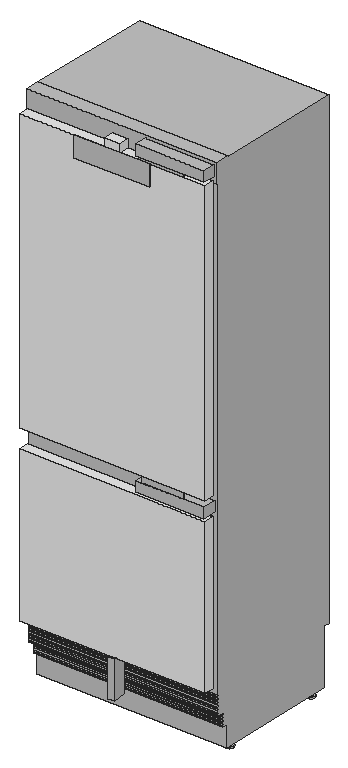
Revit family "FP-Revit20-en-RS3084WRUE1-FridgeFreezer-0-CA-US-90001084A", category Specialty Equipment, Revit 2020 (continued)
Definition of nested family "Handle Professional Square - Horizontal"
  Lines and regions (mm)
    sketch lines
      curve 6: line (283, -50, -17.5) -> (243, -50, -17.5)
      curve 7: line (-293, 0, 17.5) -> (-293, -40, 17.5)
      curve 8: arc (-283, -50, 17.5) -> (-290.071, -47.071, 17.5) -> (-293, -40, 17.5) r 10
      curve 9: line (-283, -50, 17.5) -> (-243, -50, 17.5)
      curve 10: line (-293, -40, -17.5) -> (-293, 0, -17.5)
      curve 11: arc (-293, -40, -17.5) -> (-290.071, -47.071, -17.5) -> (-283, -50, -17.5) r 10
      curve 12: line (-243, -50, -17.5) -> (-283, -50, -17.5)
  Dimensions and locks
    equal spacing: plane 4 "Product LHS", plane 3 "Center (Left/Right)", plane 5 "Product RHS"
    "Handle - Length": plane 4 "Product LHS" to plane 5 "Product RHS"
    plane 4 "Product LHS" to plane 6 "LHS Standoff" = 50 mm
    plane 7 "RHS Standoff" to plane 5 "Product RHS" = 50 mm
    aligned and locked: level to plane 2
    aligned and locked: plane 5 "Product RHS" to Extrusion 1 sketch curve
    aligned and locked: Extrusion 1 sketch curve to plane 1 "Center (Front/Back)"
    aligned and locked: plane 1 "Center (Front/Back)" to Extrusion 1 sketch curve
    aligned and locked: Extrusion 1 sketch curve to plane 6 "LHS Standoff"
    aligned and locked: Extrusion 1 sketch curve to plane 7 "RHS Standoff"
    aligned and locked: plane 7 "RHS Standoff" to Extrusion 2
    aligned and locked: Extrusion 2 to plane 6 "LHS Standoff"
    aligned and locked: plane 5 "Product RHS" to Extrusion 7 sketch curve
    aligned and locked: Extrusion 7 sketch curve to plane 7 "RHS Standoff"
    aligned and locked: plane 6 "LHS Standoff" to Extrusion 7 sketch curve
    aligned and locked: plane 4 "Product LHS" to Extrusion 7 sketch curve
    aligned and locked: Extrusion 7 sketch curve to plane 1 "Center (Front/Back)"
    aligned and locked: plane 1 "Center (Front/Back)" to Extrusion 7 sketch curve
  Automatic sketch dimensions
    Extrusion 1 sketch curve to plane 4 "Product LHS" = 0 mm
    Extrusion 1 sketch curve to plane 4 "Product LHS" = 10 mm
    plane 5 "Product RHS" to Extrusion 1 sketch curve = 10 mm
    Extrusion 1 sketch curve to Extrusion 1 sketch curve = 40 mm  (x2)
    level to Extrusion 2 sketch curve = 0 mm
    plane 1 "Center (Front/Back)" to Extrusion 2 sketch curve = 61.313 mm
    Extrusion 2 sketch curve to Extrusion 2 sketch curve = 13.513 mm
    Extrusion 2 sketch curve to Extrusion 2 sketch curve = 1.328 mm  (x4)
    Extrusion 2 sketch curve to Extrusion 2 sketch curve = 9.684 mm  (x2)
    Extrusion 2 sketch curve to Extrusion 2 sketch curve = 14.172 mm
    Sweep 3 sketch curve to profile plane = 0 mm  (x2)
    Sweep 3 sketch curve to profile plane = 2.5 mm  (x2)
    Sweep 4 sketch curve to profile plane = 0 mm  (x2)
    Sweep 4 sketch curve to profile plane = 2.5 mm  (x2)
    profile plane to Sweep 5 sketch curve = 0 mm
    Sweep 5 sketch curve to profile plane = 0 mm
    Sweep 5 sketch curve to profile plane = 2.5 mm  (x2)
    profile plane to Sweep 6 sketch curve = 0 mm
    Sweep 6 sketch curve to profile plane = 0 mm
    Sweep 6 sketch curve to profile plane = 2.5 mm  (x2)
    Extrusion 7 sketch curve to plane 4 "Product LHS" = 10 mm
    plane 5 "Product RHS" to Extrusion 7 sketch curve = 10 mm
    plane 1 "Center (Front/Back)" to Extrusion 7 sketch curve = 32 mm
    plane 1 "Center (Front/Back)" to Extrusion 7 sketch curve = 40 mm
Definition of nested family "Visibility Control Note 18"
  Types (3): name
    New
    Resolved
    Active
  Reference planes
    plane 1: y = 0
    plane 2: x = 0
  Text (mm)
    text "Edit Type: \nTo control handle kit \nand door panel visibility\n options\n\nDelete unwanted kits \nto reduce file size" at (-0.165, 35.556, 0)
Types (3, lengths in mm): name | Model
  (no name) | "RS3084WRUE1"
  RS3084WRUE1 | "RS3084WRUE1"
  RS3084WRU1 | "RS3084WRU1"
